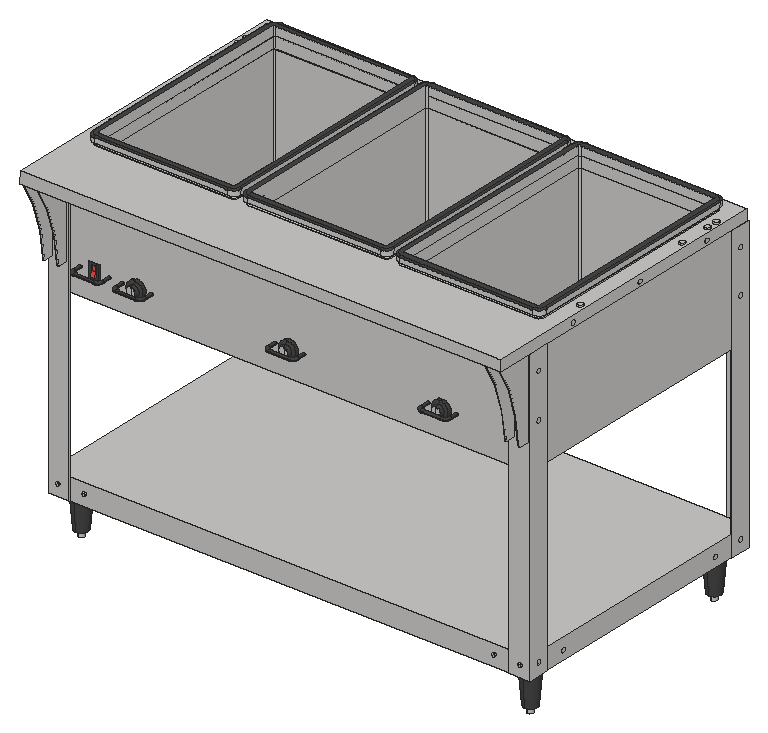
Revit family "QF_VOLLRATH_38213_SERVEWELL_SL_HOT_FOOD_TABLE", category Specialty Equipment, Revit 2022 (continued)
Definition of nested family "QF_VOLLRATH_38203"
  Automatic sketch dimensions
    Extrusion 23 sketch curve to Extrusion 23 sketch curve = 2.99589"
    Extrusion 1 to Extrusion 23 sketch curve = 3.29839"
    Extrusion 2 to Extrusion 24 sketch curve = 1.4413"
    Extrusion 24 sketch curve to Extrusion 2 = 2.52553"
    Extrusion 25 sketch curve to Extrusion 25 sketch curve = 0"  (x6)
    Extrusion 25 sketch curve to Extrusion 2 = 2.89711"  (x3)
    Extrusion 25 sketch curve to Extrusion 2 = 6.47298"  (x2)
    Extrusion 25 sketch curve to Extrusion 2 = 6.48457"
    plane 12 to Extrusion 26 sketch curve = 6.61974"
    Extrusion 26 sketch curve to Extrusion 26 sketch curve = 0.03954"
    Extrusion 26 sketch curve to Extrusion 26 sketch curve = 0.07808"
    Extrusion 26 sketch curve to Extrusion 26 sketch curve = 9/64"
    Extrusion 26 sketch curve to Extrusion 26 sketch curve = 0.29046"
    Extrusion 26 sketch curve to Extrusion 26 sketch curve = 0.10409"
    plane 11 to Extrusion 26 sketch curve = 13 225/256"
    Extrusion 26 sketch curve to Extrusion 26 sketch curve = 0.77431"
    Extrusion 26 sketch curve to Extrusion 26 sketch curve = 0.00199"
    Extrusion 26 sketch curve to Extrusion 26 sketch curve = 0.23749"
    Extrusion 26 sketch curve to Extrusion 26 sketch curve = 0"
    Extrusion 26 sketch curve to Extrusion 26 sketch curve = 0.25882"
    plane 12 to Extrusion 27 sketch curve = 6.80179"
    Extrusion 27 sketch curve to plane 6 "TOP" = 13.11387"
    Extrusion 28 sketch curve to plane 7 "Center Y" = 0.18117"
    Extrusion 28 sketch curve to plane 7 "Center Y" = 0.14163"
    Extrusion 28 sketch curve to plane 7 "Center Y" = 0.06355"
    plane 7 "Center Y" to Extrusion 28 sketch curve = 0.07708"
    plane 7 "Center Y" to Extrusion 28 sketch curve = 0.14883"
    plane 7 "Center Y" to Extrusion 28 sketch curve = 0.18117"
    plane 11 to Extrusion 28 sketch curve = 13 225/256"
    Extrusion 28 sketch curve to Extrusion 28 sketch curve = 0.77431"
    Extrusion 28 sketch curve to Extrusion 28 sketch curve = 0.00199"
    Extrusion 28 sketch curve to Extrusion 28 sketch curve = 0.23749"
    Extrusion 28 sketch curve to Extrusion 28 sketch curve = 0"
    Extrusion 28 sketch curve to Extrusion 28 sketch curve = 0.25882"
    plane 7 "Center Y" to Extrusion 29 sketch curve = 0.00088"
    Extrusion 29 sketch curve to plane 6 "TOP" = 13.11387"
    plane 4 "RIGHT" to Extrusion 30 sketch curve = 8.49367"
    Extrusion 30 sketch curve to Extrusion 30 sketch curve = 0.03954"
    Extrusion 30 sketch curve to Extrusion 30 sketch curve = 0.11762"
    Extrusion 30 sketch curve to Extrusion 30 sketch curve = 9/64"
    Extrusion 30 sketch curve to Extrusion 30 sketch curve = 0.29046"
    Extrusion 30 sketch curve to Extrusion 30 sketch curve = 0.10409"
    plane 11 to Extrusion 30 sketch curve = 13 225/256"
    Extrusion 30 sketch curve to Extrusion 30 sketch curve = 0.77431"
    Extrusion 30 sketch curve to Extrusion 30 sketch curve = 0.00199"
    Extrusion 30 sketch curve to Extrusion 30 sketch curve = 0.23749"
    Extrusion 30 sketch curve to Extrusion 30 sketch curve = 0"
    Extrusion 30 sketch curve to Extrusion 30 sketch curve = 0.25882"
    plane 4 "RIGHT" to Extrusion 31 sketch curve = 8.31162"
    Extrusion 31 sketch curve to plane 6 "TOP" = 13.11387"
    Extrusion 1 to Extrusion 32 sketch curve = 0.93013"  (x3)
    Extrusion 32 sketch curve to Extrusion 32 sketch curve = 2.99269"
    Extrusion 1 to Extrusion 32 sketch curve = 0.52024"  (x3)
    Extrusion 32 sketch curve to Extrusion 32 sketch curve = 4.0321"
    Extrusion 32 sketch curve to Extrusion 32 sketch curve = 8"  (x2)
    Extrusion 1 to Extrusion 32 sketch curve = 7.39159"
    Extrusion 1 to Extrusion 32 sketch curve = 4.40301"
    Extrusion 32 sketch curve to Extrusion 1 = 1.81291"
    Extrusion 32 sketch curve to Extrusion 32 sketch curve = 0"
    Extrusion 32 sketch curve to Extrusion 32 sketch curve = 2.98858"
    Extrusion 32 sketch curve to Extrusion 1 = 1.79886"
    Extrusion 32 sketch curve to Extrusion 32 sketch curve = 4.15231"
    Extrusion 32 sketch curve to Extrusion 32 sketch curve = 4 1/4"
    Extrusion 32 sketch curve to Extrusion 32 sketch curve = 20 3/4"
    Extrusion 32 sketch curve to Extrusion 32 sketch curve = 20.91394"
    Extrusion 32 sketch curve to Extrusion 32 sketch curve = 0.26147"
    Extrusion 32 sketch curve to Extrusion 32 sketch curve = 0.20927"
    plane 1 "BACK" to Extrusion 33 sketch curve = 0.93013"  (x3)
    plane 9 to Extrusion 33 sketch curve = 0.97789"  (x2)
    Extrusion 33 sketch curve to Extrusion 33 sketch curve = 2.99269"
    Extrusion 33 sketch curve to plane 6 "TOP" = 1.42378"  (x3)
    Extrusion 33 sketch curve to Extrusion 33 sketch curve = 4.0321"
    plane 8 "Center X" to Extrusion 33 sketch curve = 1.78778"
    plane 13 to Extrusion 33 sketch curve = 2.81572"
    plane 10 to Extrusion 33 sketch curve = 3.89159"
    plane 10 to Extrusion 33 sketch curve = 0.90301"  (x3)
    Extrusion 33 sketch curve to plane 11 = 0.81284"
    Extrusion 33 sketch curve to plane 11 = 0.76064"
    Extrusion 33 sketch curve to plane 6 "TOP" = 8.01064"
    Extrusion 33 sketch curve to Extrusion 33 sketch curve = 6.47512"
    Extrusion 33 sketch curve to plane 6 "TOP" = 3.76064"
    Extrusion 33 sketch curve to plane 6 "TOP" = 3.74659"
    Extrusion 34 sketch curve to Extrusion 3 = 0.93848"  (x3)
    Extrusion 34 sketch curve to Extrusion 3 = 1.43848"
    Extrusion 3 to Extrusion 34 sketch curve = 1.09351"  (x4)
    Extrusion 34 sketch curve to Extrusion 34 sketch curve = 39.24805"
    Extrusion 34 sketch curve to Extrusion 34 sketch curve = 2 1/2"
    Extrusion 3 to Extrusion 34 sketch curve = 6.04277"
    Extrusion 34 sketch curve to Extrusion 34 sketch curve = 0"  (x2)
    Extrusion 3 to Extrusion 34 sketch curve = 1.79277"  (x2)
    Extrusion 34 sketch curve to Extrusion 34 sketch curve = 4 1/4"
    Revolve 35 sketch curve to plane 9 = 0"
    Revolve 35 sketch curve to level = 0"
    plane 10 to Revolve 35 sketch curve = 1.00812"
    level to Revolve 35 sketch curve = 9/16"
    plane 10 to Revolve 35 sketch curve = 1.30886"
    Revolve 35 sketch curve to Revolve 35 sketch curve = 0.34739"
    Revolve 35 sketch curve to Revolve 35 sketch curve = 9/32"  (x2)
    Revolve 35 sketch curve to Revolve 35 sketch curve = 1/4"
    Revolve 35 sketch curve to Revolve 35 sketch curve = 1/16"
    Revolve 36 sketch curve to plane 9 = 0"
    Revolve 36 sketch curve to level = 0"
    plane 1 "BACK" to Revolve 36 sketch curve = 1.13312"
    level to Revolve 36 sketch curve = 9/16"
    plane 1 "BACK" to Revolve 36 sketch curve = 1.43386"
    Revolve 36 sketch curve to Revolve 36 sketch curve = 0.34739"
    Revolve 36 sketch curve to Revolve 36 sketch curve = 9/32"  (x2)
    Revolve 36 sketch curve to Revolve 36 sketch curve = 1/16"
    Revolve 36 sketch curve to Revolve 36 sketch curve = 1/4"
    Revolve 37 sketch curve to plane 9 = 0"
    Revolve 37 sketch curve to level = 0"
    plane 1 "BACK" to Revolve 37 sketch curve = 1.13312"
    level to Revolve 37 sketch curve = 9/16"
    plane 1 "BACK" to Revolve 37 sketch curve = 1.43386"
    Revolve 37 sketch curve to Revolve 37 sketch curve = 0.34739"
    Revolve 37 sketch curve to Revolve 37 sketch curve = 9/32"  (x2)
    Revolve 37 sketch curve to level = 1/4"
    Revolve 37 sketch curve to Revolve 37 sketch curve = 1/16"
    plane 13 to Blend 38 sketch curve = 0"
    plane 4 "RIGHT" to Blend 38 sketch curve = 5.93727"
    plane 4 "RIGHT" to Blend 38 sketch curve = 1.43727"
    plane 10 to Blend 38 sketch curve = 2.97336"
    plane 13 to Blend 38 sketch curve = 1/2"
    plane 4 "RIGHT" to Blend 38 sketch curve = 5.43727"
    plane 4 "RIGHT" to Blend 38 sketch curve = 1.93727"
    plane 10 to Blend 38 sketch curve = 3.47336"
    plane 13 to Blend 39 sketch curve = 0"
    plane 12 to Blend 39 sketch curve = 4.43727"
    Blend 39 sketch curve to plane 12 = 0.06273"
    plane 10 to Blend 39 sketch curve = 2.97336"
    plane 13 to Blend 39 sketch curve = 1/2"
    plane 12 to Blend 39 sketch curve = 3.93727"
    plane 12 to Blend 39 sketch curve = 0.43727"
    plane 10 to Blend 39 sketch curve = 3.47336"
    plane 4 "RIGHT" to Blend 40 sketch curve = 5.93727"
    plane 4 "RIGHT" to Blend 40 sketch curve = 1.43727"
    plane 8 "Center X" to Blend 40 sketch curve = 6.8801"
    plane 1 "BACK" to Blend 40 sketch curve = 2.98976"
    plane 4 "RIGHT" to Blend 40 sketch curve = 5.43727"
    plane 4 "RIGHT" to Blend 40 sketch curve = 1.93727"
    plane 1 "BACK" to Blend 40 sketch curve = 7.3699"
    plane 1 "BACK" to Blend 40 sketch curve = 3.48976"
    plane 12 to Blend 41 sketch curve = 4.43727"
    Blend 41 sketch curve to plane 12 = 0.06273"
    plane 1 "BACK" to Blend 41 sketch curve = 2.98976"
    Blend 41 sketch curve to Blend 41 sketch curve = 4.88014"
    plane 12 to Blend 41 sketch curve = 3.93727"
    plane 12 to Blend 41 sketch curve = 0.43727"
    plane 1 "BACK" to Blend 41 sketch curve = 3.48976"
    Blend 41 sketch curve to Blend 41 sketch curve = 3.88014"
    Extrusion 42 sketch curve to Extrusion 1 = 0.56824"
    Extrusion 42 sketch curve to Extrusion 1 = 0.53699"
    Extrusion 42 sketch curve to Extrusion 1 = 0.50498"  (x2)
    Extrusion 1 to Extrusion 42 sketch curve = 3.29839"
    Extrusion 1 to Extrusion 42 sketch curve = 5.60786"
    Extrusion 1 to Extrusion 42 sketch curve = 2.61197"
    Extrusion 42 sketch curve to Extrusion 42 sketch curve = 1.04512"
    plane 4 "RIGHT" to curve 68 = 0.56824"
    plane 13 to curve 67 = 1.10773"
    curve 67 to curve 67 = 1/4"
    plane 4 "RIGHT" to curve 69 = 0.53699"
    curve 69 to curve 57 = 5.45161"
    curve 69 to curve 69 = 1/4"
    plane 4 "RIGHT" to curve 72 = 0.50498"
    curve 71 to curve 57 = 2.45572"
    curve 72 to curve 71 = 1/4"
    curve 73 to curve 74 = 0"  (x2)
    plane 4 "RIGHT" to curve 74 = 0.50498"
    curve 71 to curve 73 = 1.04512"
    curve 73 to curve 73 = 1/4"
    radius of Sweep 14 sketch curve = 1/8"
    radius of Sweep 16 sketch curve = 1/8"
    radius of Sweep 18 sketch curve = 1/8"
    radius of Sweep 21 sketch curve = 1/8"
    radius of Split face 2 sketch curve = 0.16586"
    radius of Extrusion 22 sketch curve to Extrusion 2 = 0"  (x4)
    radius of Extrusion 22 sketch curve = 1/2"  (x3)
    radius of Extrusion 23 sketch curve = 1/4"  (x4)
    radius of Extrusion 24 sketch curve = 1/2"
    radius of Extrusion 25 sketch curve = 1/2"  (x3)
    radius of Extrusion 25 sketch curve = 9/16"  (x3)
    radius of Extrusion 27 sketch curve = 1/4"
    radius of Extrusion 29 sketch curve = 1/4"
    radius of Extrusion 31 sketch curve = 1/4"
    radius of Extrusion 32 sketch curve = 0.17669"  (x11)
    radius of Extrusion 33 sketch curve = 0.17669"  (x11)
    radius of Extrusion 34 sketch curve = 0.14866"  (x8)
    radius of Extrusion 42 sketch curve = 1/4"  (x4)
  Connectors (in)
    electrical at (4.37729, -23.99392, 21.75393)
      settings: on Extrusion 24, index 1, voltage 0 V, apparent load 0 VA, apparent load phase1 0 VA, apparent load phase2 0 VA, apparent load phase3 0 VA, power factor 1, load classification none, number of poles 1, system type 30, power factor state 1, is connector primary yes, connector utility no, sub classification motor no, connector description "ELECTRICAL CONNECTION"
